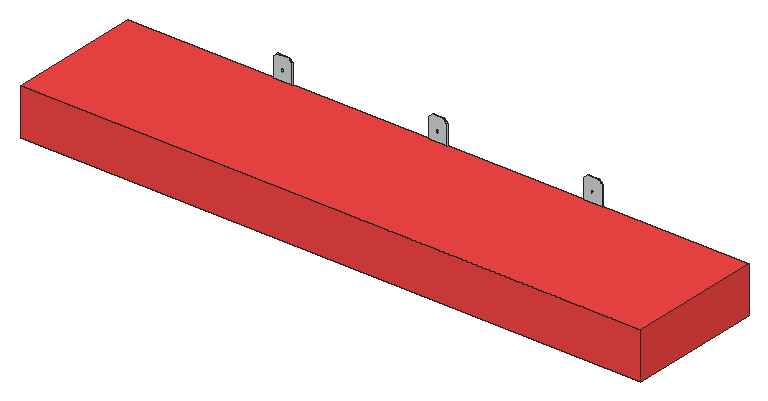
Revit family "VFB_VFB Plus 216-255mm", category Specialty Equipment, Revit 2015
Parameters (values of type "VFB Plus 216.0 x 75.0 x 1000mm")
  Youtube Clip = "https://www.youtube.com/watch?v=VjsuebgyjI8&vl=en-GB"
  Width = 216 mm
  URL = "https://www.tenmat.com/passive-fire-protection/"
  Tenmat Item Number = "I102MP21600075100000"
  Seal Type = "VFB Plus 260"
  Performance = "BS EN 1366-3:2009 & BS 476, ETA-12/0332, 1224-CPR-0341, CE Marked"
  Material/Grade = "Firefly 102"
  Manufacturer = "Tenmat ltd"
  Length = 1000 mm
  IFC Classification = "Building Element Proxy"
  Description = "Firefly 102 Ventilated Fire Barrier"
  Depth = 75 mm
Types (40, lengths in mm): name | Width | Tenmat Item Number | Seal Type
  VFB Plus 216.0 x 75.0 x 1000mm | 216 | "I102MP21600075100000" | "VFB Plus 260"
  VFB Plus 217.0 x 75.0 x 1000mm | 217 | "I102MP21700075100000" | "VFB Plus 261"
  VFB Plus 218.0 x 75.0 x 1000mm | 218 | "I102MP21800075100000" | "VFB Plus 262"
  VFB Plus 219.0 x 75.0 x 1000mm | 219 | "I102MP21900075100000" | "VFB Plus 263"
  VFB Plus 220.0 x 75.0 x 1000mm | 220 | "I102MP22000075100000" | "VFB Plus 264"
  VFB Plus 221.0 x 75.0 x 1000mm | 221 | "I102MP22100075100000" | "VFB Plus 265"
  VFB Plus 222.0 x 75.0 x 1000mm | 222 | "I102MP22200075100000" | "VFB Plus 266"
  VFB Plus 223.0 x 75.0 x 1000mm | 223 | "I102MP22300075100000" | "VFB Plus 267"
  VFB Plus 224.0 x 75.0 x 1000mm | 224 | "I102MP22400075100000" | "VFB Plus 268"
  VFB Plus 225.0 x 75.0 x 1000mm | 225 | "I102MP22500075100000" | "VFB Plus 269"
  VFB Plus 226.0 x 75.0 x 1000mm | 226 | "I102MP22600075100000" | "VFB Plus 270"
  VFB Plus 227.0 x 75.0 x 1000mm | 227 | "I102MP22700075100000" | "VFB Plus 271"
  VFB Plus 228.0 x 75.0 x 1000mm | 228 | "I102MP22800075100000" | "VFB Plus 272"
  VFB Plus 229.0 x 75.0 x 1000mm | 229 | "I102MP22900075100000" | "VFB Plus 273"
  VFB Plus 230.0 x 75.0 x 1000mm | 230 | "I102MP23000075100000" | "VFB Plus 274"
  VFB Plus 231.0 x 75.0 x 1000mm | 231 | "I102MP23100075100000" | "VFB Plus 275"
  VFB Plus 232.0 x 75.0 x 1000mm | 232 | "I102MP07500075100000\r\nI102MP23200075100000" | "VFB Plus 276"
  VFB Plus 233.0 x 75.0 x 1000mm | 233 | "I102MP23300075100000" | "VFB Plus 277"
  VFB Plus 234.0 x 75.0 x 1000mm | 234 | "I102MP23400075100000" | "VFB Plus 278"
  VFB Plus 235.0 x 75.0 x 1000mm | 235 | "I102MP23500075100000" | "VFB Plus 279"
  VFB Plus 236.0 x 75.0 x 1000mm | 236 | "I102MP23600075100000" | "VFB Plus 280"
  VFB Plus 237.0 x 75.0 x 1000mm | 237 | "I102MP23700075100000" | "VFB Plus 281"
  VFB Plus 238.0 x 75.0 x 1000mm | 238 | "I102MP23800075100000\r\nI102MP01600075100000" | "VFB Plus 282"
  VFB Plus 239.0 x 75.0 x 1000mm | 239 | "I102MP23900075100000" | "VFB Plus 283"
  VFB Plus 240.0 x 75.0 x 1000mm | 240 | "I102MP24000075100000" | "VFB Plus 284"
  VFB Plus 241.0 x 75.0 x 1000mm | 241 | "I102MP24100075100000" | "VFB Plus 285"
  VFB Plus 242.0 x 75.0 x 1000mm | 242 | "I102MP24200075100000" | "VFB Plus 286"
  VFB Plus 243.0 x 75.0 x 1000mm | 243 | "I102MP24300075100000" | "VFB Plus 287"
  VFB Plus 244.0 x 75.0 x 1000mm | 244 | "I102MP24400075100000" | "VFB Plus 288"
  VFB Plus 245.0 x 75.0 x 1000mm | 245 | "I102MP24500075100000" | "VFB Plus 289"
  VFB Plus 246.0 x 75.0 x 1000mm | 246 | "I102MP24600075100000" | "VFB Plus 290"
  VFB Plus 247.0 x 75.0 x 1000mm | 247 | "I102MP24000075100000\r\nI102MP24700075100000" | "VFB Plus 291"
  VFB Plus 248.0 x 75.0 x 1000mm | 248 | "I102MP24800075100000" | "VFB Plus 292"
  VFB Plus 249.0 x 75.0 x 1000mm | 249 | "I102MP24900075100000" | "VFB Plus 293"
  VFB Plus 250.0 x 75.0 x 1000mm | 250 | "I102MP25000075100000" | "VFB Plus 294"
  VFB Plus 251.0 x 75.0 x 1000mm | 251 | "I102MP25100075100000" | "VFB Plus 295"
  VFB Plus 252.0 x 75.0 x 1000mm | 252 | "I102MP25200075100000\r\nI102MP01600075100000" | "VFB Plus 296"
  VFB Plus 253.0 x 75.0 x 1000mm | 253 | "I102MP25300075100000" | "VFB Plus 297"
  VFB Plus 254.0 x 75.0 x 1000mm | 254 | "I102MP25400075100000" | "VFB Plus 298"
  VFB Plus 255.0 x 75.0 x 1000mm | 255 | "I102MP25500075100000" | "VFB Plus 299"
Reference planes
  plane 1 "Center (Front/Back)": y = 0
  plane 2: z = 0
  plane 3 "Center (Left/Right)": x = 0
  plane 4: x = -500
  plane 5: y = 108
  plane 6: x = 500
  plane 7: y = -108
  plane 8: z = 75
  plane 9: z = 37.5
  plane 10: x = -250
  plane 11: x = 250
Forms (mm)
  Extrusion 1, solid, material "Tenmat"
    sketch origin (0, 0, 0) x (1, 0, 0) y (0, 1, 0)
      loop
        line (-500, 108) -> (-500, -108) -> (500, -108) -> (500, 108) -> (-500, 108)
    from 0 to 75
Dimensions and locks
  equal spacing: plane 4, plane 3 "Center (Left/Right)", plane 6
  "Length": plane 4 to plane 6
  equal spacing: plane 5, plane 1 "Center (Front/Back)", plane 7
  "Width": plane 5 to plane 7
  "Depth": plane 8 to plane 2
  equal spacing: plane 4, plane 10, plane 3 "Center (Left/Right)"
  equal spacing: plane 3 "Center (Left/Right)", plane 11, plane 6
  aligned and locked: level to plane 2
  aligned and locked: Extrusion 1 to plane 2
  aligned and locked: plane 8 to Extrusion 1
  aligned and locked: plane 5 to Extrusion 1
  aligned and locked: plane 7 to Extrusion 1
  aligned and locked: Extrusion 1 to plane 6
  aligned and locked: Extrusion 1 to plane 4
  aligned and locked: nested 1 to plane 5
  aligned and locked: nested 3 to plane 5
  aligned and locked: nested 2 to plane 5
  aligned and locked: plane 9 to nested 1
  aligned and locked: plane 9 to nested 3
  aligned and locked: plane 9 to nested 2
Automatic sketch dimensions
  Extrusion 1 sketch curve to plane 4 = 0 mm
  Extrusion 1 sketch curve to plane 6 = 0 mm
  plane 1 "Center (Front/Back)" to Extrusion 1 sketch curve = 108 mm
  Extrusion 1 sketch curve to plane 1 "Center (Front/Back)" = 108 mm
Nested families
  nested 1: "Multi purpose Bracket-216mm-300" at (-250, 108.6, 36.3) x (0, -1, 0) z (0, 0, 1), type "Multi purpose Bracket-216mm-300"
  nested 2: "Multi purpose Bracket-216mm-300" at (250, 108.6, 36.3) x (0, -1, 0) z (0, 0, 1), type "Multi purpose Bracket-216mm-300"
  nested 3: "Multi purpose Bracket-216mm-300" at (0, 108.6, 36.3) x (0, -1, 0) z (0, 0, 1), type "Multi purpose Bracket-216mm-300"
Definition of nested family "Multi purpose Bracket-216mm-300"
  Reference planes
    plane 1 "Center (Front/Back)": y = 0
    plane 2: z = 0
    plane 3 "Center (Left/Right)": x = 0
    plane 4: x = 160
  Forms (mm)
    Extrusion 1, solid
      sketch origin (-0.6, 0, 0.6) x (0, 0, -1) y (0, 1, 0)
        loop
          line (-6, 15) -> (-69, 15) -> (-75, 9) -> (-75, -9) -> (-69, -15) -> (-6, -15) -> (0.6, -8.4) -> (0.6, 8.4) -> (-6, 15)
        loop
          circle (-54, 0) r 2
        loop
          circle (-19, 0) r 2
      from 0 to 1.2
    Extrusion 2, solid
      sketch origin (0, 0, 0) x (1, 0, 0) y (0, 1, 0)
        loop
          line (6, 15) -> (0, 9) -> (0, -9) -> (6, -15) -> (146, -15) -> (160, 0) -> (146, 15) -> (6, 15)
        loop
          line (44, 2.521) -> (44, -2.479) -> (114, -2.479) -> (114, 2.521) -> (44, 2.521)
      from 0 to 1.2
  Cuts and joins
    joined: Extrusion 1, Extrusion 2
  Dimensions and locks
    aligned and locked: level to plane 2
    aligned and locked: Extrusion 2 to Extrusion 1
